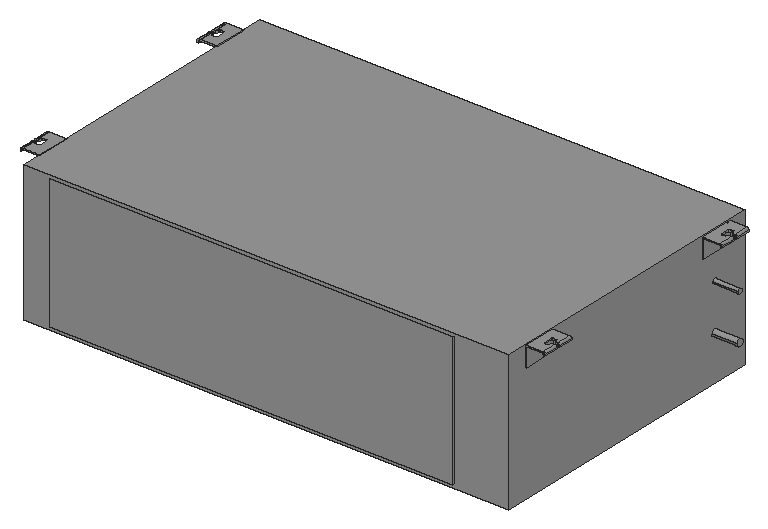
Revit family "Internal block_22_71_DL_1R1A", category Оборудование, Revit 2021
Family settings
  Размер круглого соединителя = Использовать диаметр
  Классификация = Нет
  Тип детали = Нормальный
  На основе рабочей плоскости = Нет
  Всегда вертикально = Да
  При загрузке вырезать с полостями = Нет
  Общий = Нет
  Точка принадлежности помещению = Нет
Parameters (values of type "BLHV-28-I-DL-AC/1R1A")
  db = Db / 2  # 367.5 mm
  d1 = 9.5 mm
  d = 6.4 mm
  Width = B  # 467 mm
  Weight = 16.00 kg
  Pressure_Static_Air [instance] = 0.0 Pa
  Power = 50 W
  Maximum Air Flow = 0.0 L/s
  Load Classification = "HVAC"
  Length = A  # 814 mm
  I = 200 mm  # constant formula
  Height = C  # 210 mm
  Отметка по умолчанию = 0 mm
  Изготовитель = "BLAUBERG"  # constant formula
  URL = ""
  H = 611 mm
  G = 150 mm  # constant formula
  F = 503 mm
  Maintenance zone material = none
  Grid Material = Mesh, steel, painted,  white
  E = 335 mm  # constant formula
  Db = D - 20 mm  # 735 mm
  D = 755 mm
  Casing Material = Steel, galvanized
  C = 210 mm  # constant formula
  Bb = B - 20 mm  # 447 mm
  B1 = (B - 20 mm) / 2  # 223.5 mm
  B = 467 mm  # constant formula
  Air Flow [instance] = 0.0 L/s
  A = 814 mm
  09_System_Name [instance] = ""
  00_20_Type = "BLHV-28-I-DL-AC/1R1A"
  00_20_Name = "Internal block"  # constant formula
  00_20_Manufacturer = "BLAUBERG"  # constant formula
Types (7, lengths in mm): name | db | d1 | d | Weight | Power | Length | H | F | Db | D | A | 00_20_Type
  (no name) | 367.5 | 9.5 | 6.4 | 16.00 kg | 50 W | 814 | 611 | 503 | 735 | 755 | 814 | "BLHV-28-I-DL-AC/1R1A"
  BLHV-28-I-DL-AC/1R1A | 367.5 | 9.5 | 6.4 | 16.00 kg | 50 W | 814 | 611 | 503 | 735 | 755 | 814 | "BLHV-28-I-DL-AC/1R1A"
  BLHV-71-I-DL-AC/1R1A | 567.5 | 15.9 | 9.5 | 25.50 kg | 110 W | 1214 | 1011 | 905 | 1135 | 1155 | 1214 | "BLHV-71-I-DL-AC/1R1A"
  BLHV-22-I-DL-AC/1R1A | 367.5 | 9.5 | 6.4 | 16.00 kg | 50 W | 814 | 611 | 503 | 735 | 755 | 814 | "BLHV-22-I-DL-AC/1R1A"
  BLHV-36-I-DL-AC/1R1A | 367.5 | 12.7 | 6.4 | 16.50 kg | 70 W | 814 | 611 | 503 | 735 | 755 | 814 | "BLHV-36-I-DL-AC/1R1A"
  BLHV-45-I-DL-AC/1R1A | 367.5 | 12.7 | 6.4 | 16.50 kg | 80 W | 814 | 611 | 503 | 735 | 755 | 814 | "BLHV-45-I-DL-AC/1R1A"
  BLHV-56-I-DL-AC/1R1A | 467.5 | 12.7 | 6.4 | 21.00 kg | 90 W | 1010 | 811 | 705 | 935 | 955 | 1010 | "BLHV-56-I-DL-AC/1R1A"
Reference planes
  plane 1 "По центру (Вперед/Назад)": y = 0
  plane 2: z = 0
  plane 3 "По центру (Влево/Вправо)": x = 0
  plane 4: x = -407
  plane 5: x = 407
  plane 6: y = 243.5
  plane 7: y = -223.5
  plane 8: y = -167.5
  plane 9: y = 167.5
Forms (mm)
  Extrusion 1, solid, material "Steel, galvanized" <- "Casing Material"
    sketch origin (0, 0, 0) x (1, 0, 0) y (0, 1, 0)
      loop
        line (-367.5, 223.5) -> (-367.5, -223.5) -> (367.5, -223.5) -> (367.5, 223.5) -> (-367.5, 223.5)
    from 0 to 210 <- "C"
  Extrusion 2, solid, material "Steel, galvanized" <- "Casing Material"
    sketch origin (0, 0, 0) x (0, 1, 0) y (0, 0, 1)
      loop
        circle (165, 70) r 4.75
      loop
        circle (165, 140) r 3.2
    from 367.5 to 407
  Extrusion 3, solid, material "Steel, galvanized" <- "Casing Material"
    sketch origin (0, 0, 0) x (1, 0, 0) y (0, 0, 1)
      loop
        line (-327, 180) -> (-327, 30) -> (176, 30) -> (176, 180) -> (-327, 180)
    from -243.5 to -223.5
  Extrusion 4, solid, material "Steel, galvanized" <- "Casing Material"
    sketch origin (0, 0, 0) x (1, 0, 0) y (0, 0, 1)
      loop
        line (284, 205) -> (-327, 205) -> (-327, 5) -> (284, 5) -> (284, 205)
    from 223.5 to 224.5
Dimensions and locks
  "A": plane 4 to plane 5
  "B": plane 7 to plane 6
  equal spacing: Extrusion 1 sketch curve, plane 3 "По центру (Влево/Вправо)", Extrusion 1 sketch curve
  "Db": Extrusion 1 sketch curve to Extrusion 1 sketch curve
  equal spacing: Extrusion 1 sketch curve, plane 1 "По центру (Вперед/Назад)", Extrusion 1 sketch curve
  "Bb": Extrusion 1 sketch curve to Extrusion 1 sketch curve
  "B1": plane 7 to plane 1 "По центру (Вперед/Назад)"
  "db": nested 2 to plane 3 "По центру (Влево/Вправо)"
  "db": plane 3 "По центру (Влево/Вправо)" to nested 1
  "db": nested 4 to plane 3 "По центру (Влево/Вправо)"
  "db": plane 3 "По центру (Влево/Вправо)" to nested 3
  equal spacing: plane 9, plane 1 "По центру (Вперед/Назад)", plane 8
  "E": plane 9 to plane 8
  locked: plane 1 "По центру (Вперед/Назад)" to Extrusion 2 sketch curve at 165  (x2)
  Extrusion 2 sketch curve to level = 70 mm
  Extrusion 2 sketch curve to level = 140 mm
  equal spacing: plane 4, plane 3 "По центру (Влево/Вправо)", plane 5
  locked: Extrusion 3 sketch curve to plane 4 at 80
  "F": Extrusion 3 sketch curve to Extrusion 3 sketch curve
  locked: Extrusion 1 to Extrusion 3 sketch curve at 30
  "G": Extrusion 3 sketch curve to Extrusion 3 sketch curve
  "Bb": Extrusion 3 to plane 7
  locked: Extrusion 1 to Extrusion 4 sketch curve at 5
  locked: Extrusion 4 sketch curve to plane 4 at 80
  "H": Extrusion 4 sketch curve to Extrusion 4 sketch curve
  locked: plane 7 to Extrusion 4 at 1
  "I": Extrusion 4 sketch curve to Extrusion 4 sketch curve
  "d1": diameter of Extrusion 2 sketch curve
  "d": diameter of Extrusion 2 sketch curve
  aligned and locked: level to plane 2
  aligned and locked: nested 3 to plane 9
  aligned and locked: plane 9 to nested 4
  aligned and locked: nested 1 to plane 8
  aligned and locked: plane 8 to nested 2
  aligned and locked: plane 5 to Extrusion 2
  aligned and locked: Extrusion 2 to Extrusion 1
  aligned and locked: Extrusion 3 to plane 6
  aligned and locked: plane 7 to Extrusion 4
Nested families
  nested 1: "Fastening" at (367.5, -167.5, 210), built-in parameter 1001360 <- "C", type "Fastening"
  nested 2: "Fastening" at (-367.5, -167.5, 210) x (-1, 0, 0) z (0, 0, 1), built-in parameter 1001360 <- "C", type "Fastening"
  nested 3: "Fastening" at (367.5, 167.5, 210), built-in parameter 1001360 <- "C", type "Fastening"
  nested 4: "Fastening" at (-367.5, 167.5, 210) x (-1, 0, 0) z (0, 0, 1), built-in parameter 1001360 <- "C", type "Fastening"
Connectors
  hvac at (-75.5, 243.5, 105), driven by "G", driven by "F"
    settings: on Extrusion 3, index 1, duct flow 0.0 L/s, flow factor 0, pres drop 0.0 Pa, loss coef 0, conn angle 0.00°, conn width 503 mm, conn height 150 mm, conn diameter 609.6 mm, duct sys type 29, conn prof type 1, flow config 0, flow direction 2, loss method 0, conn ref index -1, conn util no, is conn primary yes, conn desc ""
  hvac at (-21.5, -223.5, 105), driven by "I", driven by "H"
    settings: on Extrusion 4, index 2, duct flow 0.0 L/s, flow factor 0, pres drop 0.0 Pa, loss coef 0, conn angle 0.00°, conn width 611 mm, conn height 200 mm, conn diameter 609.6 mm, duct sys type 29, conn prof type 1, flow config 0, flow direction 1, loss method 0, conn ref index -1, conn util no, is conn primary no, conn desc ""
Definition of nested family "Fastening"
  Parameters (values of type "Fastening")
    Default Elevation = 0 mm
    Material = none
  Reference planes
    plane 1 "По центру (Вперед/Назад)": y = 0
    plane 2: z = 0
    plane 3 "По центру (Влево/Вправо)": x = 0
  Forms (mm)
    Extrusion 1, solid, material <- "Material"
      sketch origin (0, 0, 0) x (1, 0, 0) y (0, 0, 1)
        loop
          line (27, 0) -> (0, 0) -> (0, -30) -> (2, -30) -> (2, -2) -> (27, -2)
          arc (27, -2) -> (27.707, -2.293) -> (28, -3) r 1
          line (28, -3) -> (28, -5) -> (30, -5) -> (30, -3)
          arc (30, -3) -> (29.121, -0.879) -> (27, 0) r 3
      from 25 to -25
    Extrusion 2, void
      sketch origin (0, 0, 0) x (1, 0, 0) y (0, 1, 0)
        loop
          line (30, 3.002) -> (24.616, 3.002)
          arc (24.616, 3.002) -> (23.202, 3.588) -> (22.616, 5.002) r 2
          line (22.616, 5.002) -> (22.616, 6.002)
          arc (22.616, 6.002) -> (22.03, 7.416) -> (20.616, 8.002) r 2
          line (20.616, 8.002) -> (16.509, 8.002)
          arc (16.509, 8.002) -> (15.095, 7.416) -> (14.509, 6.002) r 2
          line (14.509, 6.002) -> (14.509, 0) -> (14.509, -6.002)
          arc (14.509, -6.002) -> (15.095, -7.416) -> (16.509, -8.002) r 2
          line (16.509, -8.002) -> (20.616, -8.002)
          arc (20.616, -8.002) -> (22.03, -7.416) -> (22.616, -6.002) r 2
          line (22.616, -6.002) -> (22.616, -5.002)
          arc (22.616, -5.002) -> (23.202, -3.588) -> (24.616, -3.002) r 2
          line (24.616, -3.002) -> (30, -3.002) -> (30, 3.002)
      from -5 to 0
  Cuts and joins
    Extrusion 2 cuts Extrusion 1
  Dimensions and locks
    aligned and locked: level to plane 2
